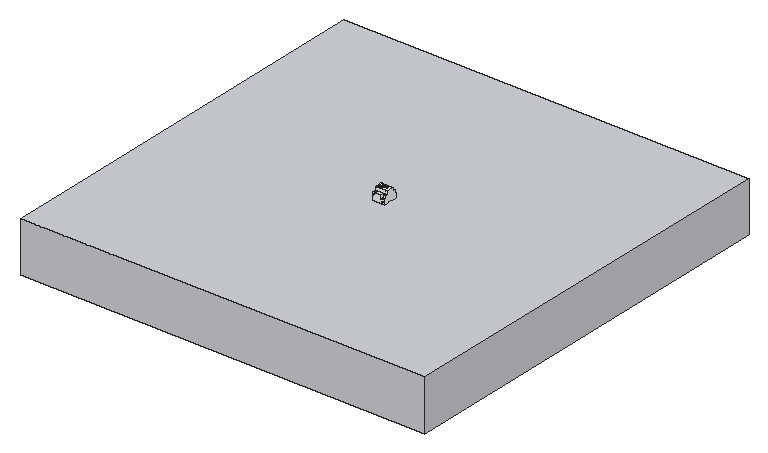
Revit family "Gira_216000", category Elektroinstallationen, Revit 2017
Family settings
  Basisbauteil = Fläche
  Beschriftungsausrichtung beibehalten = Nein
  Bemaßung runder Anschluss = Durchmesser verwenden
  Teiletyp = Normal
  Beim Laden mit Abzugskörper schneiden = Nein
  Gemeinsam genutzt = Nein
  Raumberechnungspunkt = Nein
Parameters (values of type "Rollladenaktor 4f AC 230 V Hand KNX REG")
  Zusammenstellung = ""
  Zulassung nach PTB = no
  Default Elevation = 1219.2 mm
  Vor Ort-/Handbedienung = yes
  Verschiedene Phasen anschließbar = no
  Ventilschutzfunktion = no
  URL = "https://www.gira.de/"
  Typname = "Rollladenaktor 4f AC 230 V Hand KNX REG"
  Type Comments = ""
  Tarifumschaltung = no
  Stromart = "AC"
  Stellgröße stetig = no
  Stellgröße schaltend = no
  Schutzart (IP) = "IP20"
  Schaltstrom ohmsch = 0 A
  S0 Impulsschnittstelle = ""
  Produktseite = "https://media.stage.bim.site/t/eyJhbGciOiJIUzI1NiIsInR5cCI6IkpXVCJ9.eyJjdCI6MiwidHUiOiJodHRwOi8va2F0YWxvZy5naXJhLmRlL2RlX0RFL2RhdGVuYmxhdHQuaHRtbD9hcnRpa2VsbnI9MjE2MDAwIiwiY2lkIjoiMzI3N2NjMjMtODFhOS00ZWUzLWE5MGEtYjQ3YmI0YzBiNjE2IiwicmlkIjoiYmUwN2Q3N2QzMDU5YzZjYjA2NWYzNjNmNGI3NzExNTUiLCJwaWQiOiJlMGQ0OTBkNzExOTUxZWRmYzBlMTBiMTNhMTljYzI1OGRjOTM5NWI2Iiwic2lkIjoiNjM0NzAiLCJ1dCI6MSwibGMiOiJkZSIsImlhdCI6MTYwMDkzNzY1NywiaXNzIjoiaHR0cHM6Ly9hcGkubGl2ZS5iaW0uc2l0ZSIsInN1YiI6ImFkbWluQGJpbXNpdGUuZGV2In0.qNtAooUZafBzQJJaVMJEXA7iYj9Iv06gRq8GJoNwq7c"
  Montageart = "REG"
  Modulare Erweiterungsmöglichkeit = no
  Model = ""
  Mit LED-Anzeige = no
  Mit Busankopplung = yes
  Max. Schaltstrom = 0 A
  Max. Schaltleistung [Voltampere] = 0
  Max. Ausgangsstrom = 0 A
  Max. Anzahl der Schaltausgänge = 0
  Max. Anzahl der Jalousieausgänge = 4
  LED ansteuern = no
  Kosten = 0
  Hersteller = "Gira"
  HeinzeBIM = "https://www.heinze.de/bim/rollladenaktor-4f-ac-230-v-hand-knx-reg/e0d490d711951edfc0e10b13a19cc258dc9395b6"
  Handschaltung = no
  HAN = "216000"
  Geeignet für C-Last = no
  GTIN = "4010337101352"
  Funktion Schalten = no
  Datenblatt 1 = "https://media.stage.bim.site/t/eyJhbGciOiJIUzI1NiIsInR5cCI6IkpXVCJ9.eyJjdCI6MSwidGYiOiJwdWJsaWMvZ2lyYS9hZThjNTU3LzIxNjAwMC50eHQiLCJjaWQiOiIzMjc3Y2MyMy04MWE5LTRlZTMtYTkwYS1iNDdiYjRjMGI2MTYiLCJyaWQiOiJiZTA3ZDc3ZDMwNTljNmNiMDY1ZjM2M2Y0Yjc3MTE1NSIsInBpZCI6ImUwZDQ5MGQ3MTE5NTFlZGZjMGUxMGIxM2ExOWNjMjU4ZGM5Mzk1YjYiLCJzaWQiOiI2MzQ3MCIsInV0IjoxLCJsYyI6ImRlIiwiaWF0IjoxNjAwOTM3NjU3LCJpc3MiOiJodHRwczovL2FwaS5saXZlLmJpbS5zaXRlIiwic3ViIjoiYWRtaW5AYmltc2l0ZS5kZXYifQ.-12b93X9d5qmKkaA70QDENSa4jyLQxnR8pD6nBVDpVI/216000.txt"
  Datenblatt = "https://media.stage.bim.site/t/eyJhbGciOiJIUzI1NiIsInR5cCI6IkpXVCJ9.eyJjdCI6MSwidHUiOiJodHRwczovL2thdGFsb2cuZ2lyYS5kZS9kZV9ERS9kb3dubG9hZC5odG1sP2FydGlrZWxucj0yMTYwMDAiLCJjaWQiOiIzMjc3Y2MyMy04MWE5LTRlZTMtYTkwYS1iNDdiYjRjMGI2MTYiLCJyaWQiOiJiZTA3ZDc3ZDMwNTljNmNiMDY1ZjM2M2Y0Yjc3MTE1NSIsInBpZCI6ImUwZDQ5MGQ3MTE5NTFlZGZjMGUxMGIxM2ExOWNjMjU4ZGM5Mzk1YjYiLCJzaWQiOiI2MzQ3MCIsInV0IjoxLCJsYyI6ImRlIiwiaWF0IjoxNjAwOTM3NjU3LCJpc3MiOiJodHRwczovL2FwaS5saXZlLmJpbS5zaXRlIiwic3ViIjoiYWRtaW5AYmltc2l0ZS5kZXYifQ.p051qffQKh1dJ69E4kg13E9ULTU14swygKqT_3A3gUo"
  Bussystem Powernet = no
  Bussystem LON = no
  Bussystem KNX-Funk = no
  Bussystem KNX = yes
  Bussystem Funkbus = no
  Busspannung pufferbar = no
  Busfähig = ""
  Breite in Teilungseinheiten = 4
  Blindleistung = no
  Beschreibung = "KNX Rollladenaktor 4fach AC 230 V mit Handbetätigung  REG plus Merkmale:  Rollladenaktor mit Handbetätigung und Statusanzeige für jeden Ausgang.  Mit integrierter Busankopplung.  Zum Ansteuern von elektrisch betriebenen Rollläden für Netzspannung AC 230 V (4-kanalig).  Anschluss verschiedener Außenleiter.  Unabhängige Ansteuerung der vier Rollladenausgänge.  Rollladenposition direkt ansteuerbar.  Verhalten bei Busspannungsausfall und -wiederkehr einstellbar.  Rückmeldung der Position. Aktive oder passive (Objekt auslesbar) zyklische Rückmeldefunktionen.  Zuordnungen auf bis zu fünf verschiedene Sicherheitsfunktionen (drei Windalarme, ein Regenalarm, ein Frostalarm), wahlweise mit zyklischer Überwachung.  Baustellenbetrieb: Ausgänge manuell bedienbar ohne Busspannung nur mit der Betriebsspannung.  Hinweise :  VDE-Zulassung gemäß EN 60669-1, EN 60669-2-1.  Montage auf DIN-Hutschiene."
  Bemessungsstrom = 0 A
  Assembly Code = ""
  Keynote = ""
  BIMSITE_PRODUCT_ID = "e0d490d711951edfc0e10b13a19cc258dc9395b6"
  BIM = "https://media.stage.bim.site/t/eyJhbGciOiJIUzI1NiIsInR5cCI6IkpXVCJ9.eyJjdCI6MSwidGYiOiJwdWJsaWMvZ2lyYS9hZThjNTU3L1JFRyA4Zi5yZmEiLCJjaWQiOiIzMjc3Y2MyMy04MWE5LTRlZTMtYTkwYS1iNDdiYjRjMGI2MTYiLCJyaWQiOiJiZTA3ZDc3ZDMwNTljNmNiMDY1ZjM2M2Y0Yjc3MTE1NSIsInBpZCI6ImUwZDQ5MGQ3MTE5NTFlZGZjMGUxMGIxM2ExOWNjMjU4ZGM5Mzk1YjYiLCJzaWQiOiI2MzQ3MCIsInV0Ijo1LCJsYyI6ImRlIiwiaWF0IjoxNjAwOTM3NjU3LCJpc3MiOiJodHRwczovL2FwaS5saXZlLmJpbS5zaXRlIiwic3ViIjoiYWRtaW5AYmltc2l0ZS5kZXYifQ.juDIPxYnINehbgwVzhW9FGmZx49YBXgoffoWGQBLlwU/REG 8f.rfa"
  Ausgangsstrom [Ampere] = ""
  Ausgangsspannung [Volt] = ""
  Ausführung Text = ""
  Art der Spannungsversorgung = ""
  Anzahl der binären Eingänge = 0
  Anzahl der Eingänge = 1
  Anzahl der Ausgänge = 0
  Anschlussart = ""
  Andere Bussysteme = "ohne"
Reference planes
  plane 1 "Center (Front/Back)": y = 0
  plane 2: z = 0
  plane 3 "Center (Left/Right)": x = 0
Forms (mm)
  Extrusion 1, solid
    sketch origin (0, 0, 0) x (1, 0, 0) y (0, 1, 0)
      loop
        line (-1219.2, 1219.2) -> (-1219.2, -1219.2) -> (1219.2, -1219.2) -> (1219.2, 1219.2) -> (-1219.2, 1219.2)
    from 0 to -304.8
  Extrusion 2, solid, material "White", detail levels fine
    sketch origin (0, 0, 0) x (0, 1, 0) y (0, 0, 1)
      loop
        line (45.125, -2.619) -> (45.125, 24.95) -> (33.875, 24.95) -> (33.875, 43.8) -> (22.575, 43.8) -> (22.575, 62.05)
        arc (22.575, 62.05) -> (22.311, 62.686) -> (21.675, 62.95) r 0.9
        line (21.675, 62.95) -> (-21.175, 62.95)
        arc (-21.175, 62.95) -> (-21.785, 62.758) -> (-22.175, 62.25) r 1.064
        line (-22.175, 62.25) -> (-22.175, 43.8) -> (-44.725, 43.8) -> (-44.725, -2.619)
        arc (-44.725, -2.619) -> (-31.081, -5.433) -> (-17.243, -7.049) r 160
        line (-17.243, -7.049) -> (-13.165, -1.734) -> (-16.399, -0.807) -> (-16.399, 0) -> (17.8, 0) -> (17.8, -1.4) -> (16.8, -1.4) -> (14.749, -4.952)
        arc (14.749, -4.952) -> (18.64, -6.184) -> (22.7, -6.6) r 20
        arc (22.7, -6.6) -> (33.983, -5.009) -> (45.125, -2.619) r 160
    from -36 to 36
  Extrusion 3, void, detail levels fine
    sketch origin (0, 0, 0) x (1, 0, 0) y (0, 1, 0)
      loop
        circle (30, 26.925) r 2.55
      loop
        circle (21.75, 26.925) r 2.55
      loop
        circle (12.75, 26.925) r 2.55
      loop
        circle (4.5, 26.925) r 2.55
      loop
        circle (-4.5, 26.925) r 2.55
      loop
        circle (-12.75, 26.925) r 2.55
      loop
        circle (-21.75, 26.925) r 2.55
      loop
        circle (-30, 26.925) r 2.55
    from 37.936 to 43.8
  Extrusion 4, void, detail levels fine
    sketch origin (0, 11.25, -18.85) x (1, 0, 0) y (0, 1, 0)
      loop
        circle (30, 26.925) r 2.55
      loop
        circle (21.75, 26.925) r 2.55
      loop
        circle (12.75, 26.925) r 2.55
      loop
        circle (4.5, 26.925) r 2.55
      loop
        circle (-4.5, 26.925) r 2.55
      loop
        circle (-12.75, 26.925) r 2.55
      loop
        circle (-21.75, 26.925) r 2.55
      loop
        circle (-30, 26.925) r 2.55
    from 37.936 to 43.8
  Extrusion 5, void, detail levels fine
    sketch origin (0, 0, 0) x (1, 0, 0) y (0, 1, 0)
      loop
        circle (-13, -3.875) r 3
      loop
        circle (-23, -3.875) r 3
      loop
        circle (-23, -13.875) r 3
      loop
        circle (-13, -13.875) r 3
      loop
        circle (-29, -3.875) r 1.575
      loop
        circle (-29, -13.875) r 1.575
      loop
        circle (-7, -13.875) r 1.575
      loop
        circle (-15.4, 5.325) r 1.625
      loop
        circle (-11, 5.325) r 1.575
      loop
        circle (-6.6, 5.325) r 1.625
      loop
        circle (-2.2, 5.325) r 1.625
      loop
        circle (2.2, 5.325) r 1.625
      loop
        circle (6.6, 5.325) r 1.625
      loop
        circle (11, 5.325) r 1.575
      loop
        circle (15.4, 5.325) r 1.625
    from 58.253 to 62.95
  Extrusion 6, void, detail levels fine
    sketch origin (0, 0, 0) x (1, 0, 0) y (0, 1, 0)
      loop
        line (-32.175, -32.6) -> (-32.175, -34.9) -> (-31.24, -34.36) -> (-31.401, -37.165) -> (-32.175, -36.7) -> (-32.175, -44.875) -> (-20.175, -44.875) -> (-20.175, -37.33) -> (-19.075, -37.965) -> (-19.075, -33.635) -> (-20.175, -34.27) -> (-20.175, -32.6) -> (-32.175, -32.6)
    from 28.5 to 43.8
  Extrusion 7, solid, detail levels fine
    sketch origin (0, 0, 0) x (1, 0, 0) y (0, 1, 0)
      loop
        circle (-29.375, -36.2) r 0.5
      loop
        circle (-23.575, -36.2) r 0.5
    from 28.5 to 37.5
  Extrusion 8, void, detail levels fine
    sketch origin (0, 0, 0) x (1, 0, 0) y (0, 1, 0)
      loop
        line (15.289, -31.489) -> (15.289, -44.875) -> (36, -44.875) -> (36, -31.489) -> (15.289, -31.489)
    from 25 to 43.8
  Extrusion 9, void, detail levels fine
    sketch origin (0, 0, 0) x (1, 0, 0) y (0, 1, 0)
      loop
        circle (21.75, -37.925) r 2.55
      loop
        circle (30, -37.925) r 2.55
    from 19.086 to 24.95
  Extrusion 10, void, detail levels fine
    sketch origin (0, 0, 0) x (1, 0, 0) y (0, 0, 1)
      loop
        line (32.368, 26.75) -> (32.35, 28.865) -> (32.319, 32.45) -> (27.731, 32.45) -> (27.682, 26.75) -> (32.368, 26.75)
      loop
        line (24.118, 26.75) -> (24.1, 28.865) -> (24.069, 32.45) -> (19.481, 32.45) -> (19.432, 26.75) -> (24.118, 26.75)
      loop
        line (15.118, 26.75) -> (15.1, 28.865) -> (15.069, 32.45) -> (10.481, 32.45) -> (10.432, 26.75) -> (15.118, 26.75)
      loop
        line (6.868, 26.75) -> (6.85, 28.865) -> (6.819, 32.45) -> (2.231, 32.45) -> (2.182, 26.75) -> (6.868, 26.75)
      loop
        line (-2.182, 26.75) -> (-2.2, 28.865) -> (-2.231, 32.45) -> (-6.819, 32.45) -> (-6.868, 26.75) -> (-2.182, 26.75)
      loop
        line (-10.432, 26.75) -> (-10.45, 28.865) -> (-10.481, 32.45) -> (-15.069, 32.45) -> (-15.118, 26.75) -> (-10.432, 26.75)
      loop
        line (-19.35, 26.75) -> (-19.369, 28.865) -> (-19.4, 32.45) -> (-23.987, 32.45) -> (-24.037, 26.75) -> (-19.35, 26.75)
      loop
        line (-27.682, 26.75) -> (-27.7, 28.865) -> (-27.731, 32.45) -> (-32.319, 32.45) -> (-32.368, 26.75) -> (-27.682, 26.75)
    from -29.206 to -33.875
  Extrusion 11, void, detail levels fine
    sketch origin (0, 11.25, -19.567) x (1, 0, 0) y (0, 0, 1)
      loop
        line (32.368, 26.75) -> (32.35, 28.865) -> (32.319, 32.45) -> (27.731, 32.45) -> (27.682, 26.75) -> (32.368, 26.75)
      loop
        line (24.118, 26.75) -> (24.1, 28.865) -> (24.069, 32.45) -> (19.481, 32.45) -> (19.432, 26.75) -> (24.118, 26.75)
      loop
        line (15.118, 26.75) -> (15.1, 28.865) -> (15.069, 32.45) -> (10.481, 32.45) -> (10.432, 26.75) -> (15.118, 26.75)
      loop
        line (6.868, 26.75) -> (6.85, 28.865) -> (6.819, 32.45) -> (2.231, 32.45) -> (2.182, 26.75) -> (6.868, 26.75)
      loop
        line (-2.182, 26.75) -> (-2.2, 28.865) -> (-2.231, 32.45) -> (-6.819, 32.45) -> (-6.868, 26.75) -> (-2.182, 26.75)
      loop
        line (-10.432, 26.75) -> (-10.45, 28.865) -> (-10.481, 32.45) -> (-15.069, 32.45) -> (-15.118, 26.75) -> (-10.432, 26.75)
      loop
        line (-19.35, 26.75) -> (-19.369, 28.865) -> (-19.4, 32.45) -> (-23.987, 32.45) -> (-24.037, 26.75) -> (-19.35, 26.75)
      loop
        line (-27.682, 26.75) -> (-27.7, 28.865) -> (-27.731, 32.45) -> (-32.319, 32.45) -> (-32.368, 26.75) -> (-27.682, 26.75)
    from -29.206 to -33.875
  Extrusion 12, void, detail levels fine
    sketch origin (0, 0, 0) x (1, 0, 0) y (0, 0, 1)
      loop
        line (32.319, 12.883) -> (27.731, 12.883) -> (27.682, 7.183) -> (32.368, 7.183) -> (32.35, 9.298) -> (32.319, 12.883)
      loop
        line (24.069, 12.883) -> (19.481, 12.883) -> (19.432, 7.183) -> (24.118, 7.183) -> (24.1, 9.298) -> (24.069, 12.883)
    from 40.588 to 44.725
  Extrusion 13, solid, material "White", detail levels fine
    sketch origin (0, 0, 0) x (1, 0, 0) y (0, 1, 0)
      loop
        circle (-15.4, 5.325) r 1.625
      loop
        circle (-11, 5.325) r 1.575
      loop
        circle (-6.6, 5.325) r 1.625
      loop
        circle (-2.2, 5.325) r 1.625
      loop
        circle (2.2, 5.325) r 1.625
      loop
        circle (6.6, 5.325) r 1.625
      loop
        circle (11, 5.325) r 1.575
      loop
        circle (15.4, 5.325) r 1.625
      loop
        circle (-29, -3.875) r 1.575
      loop
        circle (-29, -13.875) r 1.575
      loop
        circle (-7, -13.875) r 1.575
    from 58.253 to 62.25
  Extrusion 14, solid, material "White", detail levels fine
    sketch origin (0, 0, 0) x (1, 0, 0) y (0, 1, 0)
      loop
        circle (-23, -3.875) r 3
      loop
        circle (-13, -3.875) r 3
      loop
        circle (-23, -13.875) r 3
      loop
        circle (-13, -13.875) r 3
    from 58.253 to 63.841
  Extrusion 15, solid, material "White", detail levels medium
    sketch origin (0, 0, 0) x (0, 1, 0) y (0, 0, 1)
      loop
        line (45.125, -7.049) -> (45.125, 24.95) -> (33.875, 24.95) -> (33.875, 43.8) -> (22.575, 43.8) -> (22.575, 63.841) -> (-22.175, 63.841) -> (-22.175, 43.8) -> (-44.725, 43.8) -> (-44.725, -7.049) -> (45.125, -7.049)
    from -36 to 36
  Extrusion 16, solid, material "White", detail levels coarse
    sketch origin (0, 0, 0) x (0, 1, 0) y (0, 0, 1)
      loop
        line (45.125, -7.049) -> (45.125, 63.841) -> (-44.725, 63.841) -> (-44.725, -7.049) -> (45.125, -7.049)
    from -36 to 36
Cuts and joins
  Extrusion 3, Extrusion 4, Extrusion 5, Extrusion 6, Extrusion 8, Extrusion 9, Extrusion 10, Extrusion 11, Extrusion 12 cuts Extrusion 2
Dimensions and locks
  aligned and locked: plane 2 to Extrusion 1
  aligned and locked: level to Extrusion 1
